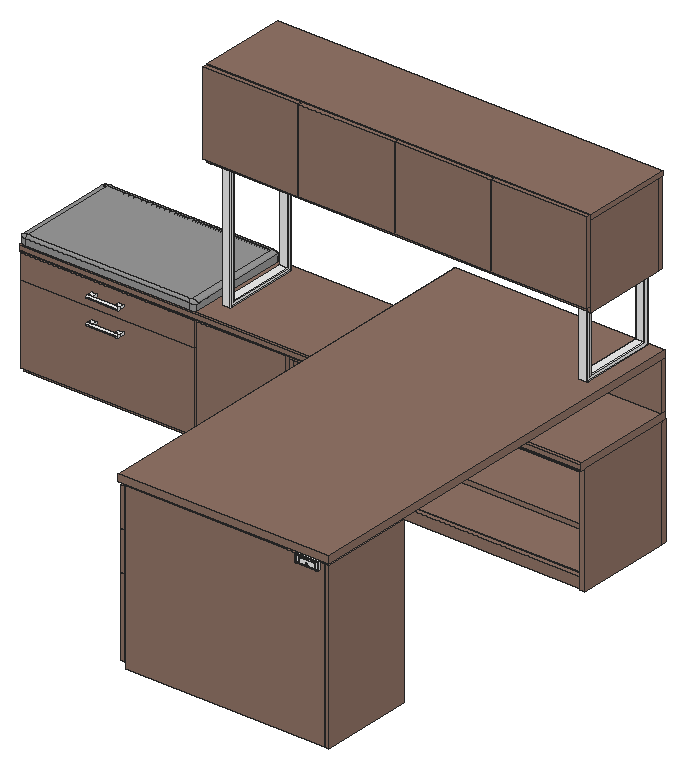
Revit family "VV010family", category Furniture, Revit 2015 (continued)
Definition of nested family "JSI-Vision-BF_Modular_Bench_Ped"
  Definition of nested family "Bar Pull"
    Dimensions and locks (in)
      plane 8 to plane 9 to plane 1 "Center Front/Back" = 0' - 0.14798" locked, 0' - 0.85202" locked
      aligned and locked: level to plane 2
      aligned and locked: plane 4 to Extrusion 3
      aligned and locked: Extrusion 3 to plane 5
      aligned and locked: plane 4 to Extrusion 2
      aligned and locked: Extrusion 1 to plane 7
      aligned and locked: plane 6 to Extrusion 1
      aligned and locked: plane 6 to Extrusion 2
      aligned and locked: plane 8 to Extrusion 2 sketch curve
      aligned and locked: Extrusion 3 to plane 1 "Center Front/Back"
      aligned and locked: Extrusion 1 to plane 1 "Center Front/Back"
      aligned and locked: plane 5 to Extrusion 3
      aligned and locked: Extrusion 3 to plane 4
      aligned and locked: Extrusion 2 to plane 4
      aligned and locked: plane 7 to Extrusion 1
      aligned and locked: Extrusion 1 to plane 6
      aligned and locked: Extrusion 2 to plane 6
  Definition of nested family "Label 1-16"
    Parameters
      Width = 0' - 1"
      Model Name = "FF"
    Reference planes (in)
      plane 1: y = 0
      plane 2: x = 0
    Text (in)
      label "XX" at (0.0005059, -0.1232411, 0), shows "Model Name"
Definition of nested family "JSI-Vision-Bench_H_Cushion"
  Parameters (values of type "Bench H Cushion - Type Catalog Family")
    Width = 3' - 0"
    URL = "www.jsifurniture.com"
    Type Comments = ""
    Series = "VISION CASEGOODS"  # constant formula
    Model = "VS2436CUSH"
    Material = ""
    Manufacturer = "JSI"  # constant formula
    Keynote = "12500"
    JSI Enviromental Website = "http://www.jsifurniture.com/jsi_sustainability_intro.php"
    Height = 0' - 1 1/2"
    Description = "24D Bench Height Seat Cushion"
    Depth = 2' - 0"
    Cushion Finish = none
    Bench Height = 1' - 7 1/2"
    Assembly Code = "E2020200"
  Reference planes (in)
    plane 1 "Center Front/Back": y = 0
    plane 2: z = 0
    plane 3 "Center Left/Right": x = 0
    plane 4: z = 0
    plane 5: z = 19.5
    plane 6: z = 21
    plane 7: z = 20.625
    plane 8: x = 36
    plane 9: y = -24
  Forms (in)
    Sweep 1, solid, material <- "Cushion Finish"
      path origin (7.5, 51.4810041, 49.125) x (0, 1, 0) y (0, 0, 1)
        loop
          line (-51.4810041, -29.625) -> (-51.4810041, -28.5625)
          arc (-51.4810041, -28.5625) -> (-51.6091449, -28.2531408) -> (-51.9185041, -28.125) r 0.4375
          line (-51.9185041, -28.125) -> (-75.0435041, -28.125)
          arc (-75.0435041, -28.125) -> (-75.3528633, -28.2531408) -> (-75.4810041, -28.5625) r 0.4375
          line (-75.4810041, -28.5625) -> (-75.4810041, -29.625)
      profile origin (7.5, -12, 21) x (0, 0, -1) y (1, 0, 0)
        loop
          line (0.375, -7.5) -> (0.375, 28.5)
          spline (0.375, 28.5) -> (0.3260527, 28.4914449) -> (0.2779429, 28.4659258) -> (0.2314937, 28.4238795) -> (0.1875, 28.3660254) -> (0.1467145, 28.2933533) -> (0.109835, 28.2071068) -> (0.0774925, 28.1087614) -> (0.0502405, 28) -> (0.0285452, 27.8826834) -> (0.0127778, 27.758819) -> (0.0032082, 27.6305262) -> (0, 27.5)
          line (0, 27.5) -> (0, -6.5)
          spline (0, -6.5) -> (0.0032082, -6.6305262) -> (0.0127778, -6.758819) -> (0.0285452, -6.8826834) -> (0.0502405, -7) -> (0.0774925, -7.1087614) -> (0.109835, -7.2071068) -> (0.1467145, -7.2933533) -> (0.1875, -7.3660254) -> (0.2314937, -7.4238795) -> (0.2779429, -7.4659258) -> (0.3260527, -7.4914449) -> (0.375, -7.5)
    Extrusion 2, solid, material <- "Cushion Finish"
      sketch origin (7.5, 51.4810041, 49.125) x (0, 1, 0) y (0, 0, 1)
        loop
          line (-51.8560041, -29.625) -> (-51.8560041, -28.5625)
          arc (-51.8560041, -28.5625) -> (-51.8743099, -28.5183058) -> (-51.9185041, -28.5) r 0.0625
          line (-51.9185041, -28.5) -> (-75.0435041, -28.5)
          arc (-75.0435041, -28.5) -> (-75.0876983, -28.5183058) -> (-75.1060041, -28.5625) r 0.0625
          line (-75.1060041, -28.5625) -> (-75.1060041, -29.625) -> (-51.8560041, -29.625)
      from -7.5 to 28.5
  Lines and regions (in)
    symbolic lines
      curve 1: line (36, -0.375, 0) -> (36, -23.625, 0)
      curve 2: line (35, -24, 0) -> (1, -24, 0)
      curve 3: spline (0, -23.625, 0) -> (0.0085551, -23.6739473, 0) -> (0.0340742, -23.7220571, 0) -> (0.0761205, -23.7685063, 0) -> (0.1339746, -23.8125, 0) -> (0.2066467, -23.8532855, 0) -> (0.2928932, -23.890165, 0) -> (0.3912386, -23.9225075, 0) -> (0.5, -23.9497595, 0) -> (0.6173166, -23.9714548, 0) -> (0.741181, -23.9872222, 0) -> (0.8694738, -23.9967918, 0) -> (1, -24, 0)
      curve 4: spline (36, -23.625, 0) -> (35.9914449, -23.6739473, 0) -> (35.9659258, -23.7220571, 0) -> (35.9238795, -23.7685063, 0) -> (35.8660254, -23.8125, 0) -> (35.7933533, -23.8532855, 0) -> (35.7071068, -23.890165, 0) -> (35.6087614, -23.9225075, 0) -> (35.5, -23.9497595, 0) -> (35.3826834, -23.9714548, 0) -> (35.258819, -23.9872222, 0) -> (35.1305262, -23.9967918, 0) -> (35, -24, 0)
      curve 5: line (1, 0, 0) -> (35, 0, 0)
      curve 6: spline (36, -0.375, 0) -> (35.9914449, -0.3260527, 0) -> (35.9659258, -0.2779429, 0) -> (35.9238795, -0.2314937, 0) -> (35.8660254, -0.1875, 0) -> (35.7933533, -0.1467145, 0) -> (35.7071068, -0.109835, 0) -> (35.6087614, -0.0774925, 0) -> (35.5, -0.0502405, 0) -> (35.3826834, -0.0285452, 0) -> (35.258819, -0.0127778, 0) -> (35.1305262, -0.0032082, 0) -> (35, 0, 0)
      curve 7: spline (0, -0.375, 0) -> (0.0085551, -0.3260527, 0) -> (0.0340742, -0.2779429, 0) -> (0.0761205, -0.2314937, 0) -> (0.1339746, -0.1875, 0) -> (0.2066467, -0.1467145, 0) -> (0.2928932, -0.109835, 0) -> (0.3912386, -0.0774925, 0) -> (0.5, -0.0502405, 0) -> (0.6173166, -0.0285452, 0) -> (0.741181, -0.0127778, 0) -> (0.8694738, -0.0032082, 0) -> (1, 0, 0)
      curve 8: line (0, -0.375, 0) -> (0, -23.625, 0)
  Dimensions and locks (in)
    "Height": plane 6 to plane 5
    locked: plane 7 to plane 5 at 1.125
    "Bench Height": plane 5 to level
    "Width": plane 3 "Center Left/Right" to plane 8
    "Depth": plane 1 "Center Front/Back" to plane 9
    locked: Sweep 1 sketch curve to plane 3 "Center Left/Right" at 1
    locked: Sweep 1 sketch curve to plane 8 at 1
    aligned and locked: level to plane 2
    aligned and locked: level to plane 4
    aligned and locked: Sweep 1 to plane 5
    aligned and locked: Extrusion 2 to Sweep 1  (x3)
    aligned and locked: Extrusion 2 to plane 3 "Center Left/Right"
    aligned and locked: Extrusion 2 to plane 8
    aligned and locked: plane 1 "Center Front/Back" to Sweep 1 sketch curve
    aligned and locked: plane 9 to Sweep 1 sketch curve
    aligned and locked: Sweep 1 sketch curve to plane 6
  Automatic sketch dimensions
    Sweep 1 sketch curve to plane 5 = 0' - 0"  (x2)
    Sweep 1 sketch curve to plane 7 = 0' - 0 1/16"
    plane 1 "Center Front/Back" to Sweep 1 sketch curve = 0' - 0 7/16"
    Sweep 1 sketch curve to profile plane = 0' - 0"
    Sweep 1 sketch curve to profile plane = 0' - 0 3/8"
    Sweep 1 sketch curve to Sweep 1 sketch curve = 0' - 1"  (x2)
    Extrusion 2 sketch curve to plane 5 = 0' - 0"
    Extrusion 2 sketch curve to plane 7 = 0' - 0"
    plane 9 to Extrusion 2 sketch curve = 0' - 0 3/8"
    Extrusion 2 sketch curve to plane 7 = 0' - 0 1/16"
    plane 1 "Center Front/Back" to Extrusion 2 sketch curve = 0' - 0 7/16"
    plane 1 "Center Front/Back" to Extrusion 2 sketch curve = 0' - 0 3/8"
    curve 3 to plane 3 "Center Left/Right" = 0' - 0"
    curve 3 to plane 9 = 0' - 0"
    plane 1 "Center Front/Back" to curve 7 = 0' - 0"
    curve 4 to plane 8 = 0' - 0"
    plane 3 "Center Left/Right" to curve 2 = 0' - 1"
    plane 3 "Center Left/Right" to curve 5 = 0' - 1"
    plane 8 to curve 5 = 0' - 1"
    plane 8 to curve 2 = 0' - 1"
    plane 9 to curve 1 = 0' - 0 3/8"
    plane 1 "Center Front/Back" to curve 1 = 0' - 0 3/8"
    plane 9 to curve 3 = 0' - 0 3/8"
    plane 1 "Center Front/Back" to curve 8 = 0' - 0 3/8"
Definition of nested family "JSI-Vision-OH_Cab-Split_H_Post"
  Parameters (values of type "Split H Post OH Cab - Type Catalog Family")
    Vetical Partition = yes
    Top = none
    Width = 4' - 6"
    Verticall Partition Distance = if(# of Doors > 3, Unit Centre, (if(# of Doors < 3, Unit Centre, (if(OHL, (Door Width + 0' 0 9/16"), ((Door Width * 2) + (0' 0 1/16")))))))  # 2' - 3"
    Unit Centre = Width / 2  # 2' - 3"
    URL = "www.jsifurniture.com"
    Type Comments = ""
    Tag = "4 Doors"
    Series = "VISION CASEGOODS"  # constant formula
    Support Leg = none
    Overhead Height = 1' - 10 13/16"
    OHL = no
    OH Elevation = 2' - 6"
    Model = "VL1654PSHD-2737"
    Material = ""
    Manufacturer = "JSI"  # constant formula
    Keynote = "12500"
    JSI Enviromental Website = "http://www.jsifurniture.com/jsi_sustainability_intro.php"
    Height = 3' - 1"
    Door Front = none
    Door Width = if(Width > 4' 5", ((Width - 0' 0 3/4") / # of Doors), (if(Width > 3' 5", ((Width - 0' 0 5/8") / # of Doors), ((Width - 0' 0 1/2") / # of Doors))))  # 1' - 1 5/16"
    Door Array Spacing = Door Width + 0' 0 1/8"  # 1' - 1 7/16"
    Description = "Laminate Split Height Post Support Overhead Cab. 16\" x 54\", 4 Doors"
    Depth = 1' - 4"
    Chassis = none
    Assembly Code = "E2020200"
    # of Doors = if(Width > 4' 5", 4, (if(Width > 3' 5", 3, (if(Width > 2' 6", 2, 2)))))  # 4
  Reference planes (in)
    plane 1 "Center Front/Back": y = 0
    plane 2: z = 0
    plane 3 "Center Left/Right": x = 0
    plane 4: z = 0
    plane 5: y = -0.125
    plane 6: x = 0.125
    plane 7: x = 54
    plane 8: x = 53.875
    plane 9: y = -16
    plane 10: y = -15.375
    plane 11: y = -15.5
    plane 12: y = -16.25
    plane 13: x = 0.875
    plane 14: x = 53.125
    plane 15: y = -0.875
    plane 16: x = 27
    plane 17: z = 67
    plane 18: z = 66.8125
    plane 19: z = 66.0625
    plane 20: z = 52.8125
    plane 21: z = 51.8125
    plane 22: z = 53.5625
    plane 23: z = 30
    plane 24: x = 0.1875
    plane 25: x = 53.8125
    plane 26: z = 52.6875
    plane 27: z = 52.625
    plane 28: x = 27.375
    plane 29: x = 26.625
    plane 30: x = 0.09375
    plane 31: y = -0.09375
    plane 32: y = -15.40625
    plane 33: x = 53.90625
    plane 34: y = -15.25
    plane 35: y = -14.5
    plane 36: x = 13.5625
    plane 37: x = 13.5
    plane 38: x = 13.625
    plane 39: x = 27
    plane 40: x = 1.75
    plane 41: y = -1.125
    plane 42: x = 4.25
    plane 43: y = -3.125
    plane 44: x = 52.25
    plane 45: x = 49.75
    plane 46: y = -15.3125
    plane 47: y = -14.125
    plane 48: y = -12.125
    plane 49: z = 40
  Forms (in)
    Extrusion 1, solid, material <- "Chassis"
      sketch origin (0, 0, 0) x (1, 0, 0) y (0, 1, 0)
        loop
          line (0.125, -0.875) -> (0.125, -15.375) -> (0.875, -15.375) -> (0.875, -0.875) -> (0.125, -0.875)
      from 51.8125 to 66.0625
    Extrusion 2, solid, material <- "Chassis"
      sketch origin (0, 0, 0) x (1, 0, 0) y (0, 1, 0)
        loop
          line (53.875, -0.875) -> (53.125, -0.875) -> (53.125, -15.375) -> (53.875, -15.375) -> (53.875, -0.875)
      from 51.8125 to 66.0625
    Extrusion 3, solid, material <- "Chassis"
      sketch origin (0, 0, 0) x (1, 0, 0) y (0, 1, 0)
        loop
          line (0.125, -0.125) -> (0.125, -0.875) -> (53.875, -0.875) -> (53.875, -0.125) -> (0.125, -0.125)
      from 51.8125 to 66.0625
    Extrusion 4, solid, material <- "Chassis", visible <- "Vetical Partition"
      sketch origin (0, 0, 0) x (1, 0, 0) y (0, 1, 0)
        loop
          line (26.625, -0.875) -> (26.625, -15.3125) -> (27.375, -15.3125) -> (27.375, -0.875) -> (26.625, -0.875)
      from 53.5625 to 66.0625
    Extrusion 5, solid, material <- "Chassis"
      sketch origin (0, 0, 0) x (0, 1, 0) y (0, 0, 1)
        loop
          line (-0.875, 53.5625) -> (-15.3125, 53.5625) -> (-15.3125, 52.8125) -> (-0.875, 52.8125) -> (-0.875, 53.5625)
      from 0.875 to 53.125
    Extrusion 6, solid, material <- "Top"
      sketch origin (0, 0, 0) x (0, 1, 0) y (0, 0, 1)
        loop
          line (-0.09375, 66.8125) -> (-15.40625, 66.8125) -> (-15.40625, 66.0625) -> (-0.09375, 66.0625) -> (-0.09375, 66.8125)
      from 0.09375 to 53.90625
    Extrusion 7, solid, material <- "Chassis"
      sketch origin (0, 0, 0) x (0, 1, 0) y (0, 0, 1)
        loop
          line (-14.5, 52.8125) -> (-15.25, 52.8125) -> (-15.25, 51.8125) -> (-14.5, 51.8125) -> (-14.5, 52.8125)
      from 0.875 to 53.125
    Extrusion 8, solid, material <- "Door Front"
      sketch origin (-4.5, 0, 0) x (1, 0, 0) y (0, 1, 0)
        loop
          line (4.6875, -15.5) -> (4.6875, -16.25) -> (18, -16.25) -> (18, -15.5) -> (4.6875, -15.5)
      from 52.6875 to 66.8125
    Extrusion 9, solid, material <- "Door Front"
      sketch origin (8.9375, 0, 0) x (1, 0, 0) y (0, 1, 0)
        loop
          line (4.6875, -15.5) -> (4.6875, -16.25) -> (18, -16.25) -> (18, -15.5) -> (4.6875, -15.5)
      from 52.6875 to 66.8125
    Extrusion 10, solid, material <- "Support Leg"
      sketch origin (0, 0, 0) x (1, 0, 0) y (0, 1, 0)
        loop
          line (1.75, -1.125) -> (1.75, -3.125) -> (4.25, -3.125) -> (4.25, -1.125) -> (1.75, -1.125)
        loop
          line (49.75, -1.125) -> (49.75, -3.125) -> (52.25, -3.125) -> (52.25, -1.125) -> (49.75, -1.125)
        loop
          line (49.75, -12.125) -> (49.75, -14.125) -> (52.25, -14.125) -> (52.25, -12.125) -> (49.75, -12.125)
        loop
          line (1.75, -12.125) -> (1.75, -14.125) -> (4.25, -14.125) -> (4.25, -12.125) -> (1.75, -12.125)
      from 52.625 to 52.8125
    Sweep 11, solid, material <- "Support Leg"
      path origin (1.75, 60, 48) x (0, 1, 0) y (0, 0, 1)
        loop
          line (-61.125, 4.625) -> (-61.125, -8) -> (-74.125, -8) -> (-74.125, 4.625)
      profile origin (1.75, -1.125, 46.3125) x (1, 0, 0) y (0, 1, 0)
        loop
          arc (0.125, 0) -> (0.0366117, -0.0366117) -> (0, -0.125) r 0.125
          line (0, -0.125) -> (0, -0.625)
          arc (0, -0.625) -> (0.0366117, -0.7133883) -> (0.125, -0.75) r 0.125
          line (0.125, -0.75) -> (1.375, -0.75)
          arc (1.375, -0.75) -> (1.4633883, -0.7133883) -> (1.5, -0.625) r 0.125
          line (1.5, -0.625) -> (1.5, -0.125)
          arc (1.5, -0.125) -> (1.4633883, -0.0366117) -> (1.375, 0) r 0.125
          line (1.375, 0) -> (0.125, 0)
    Sweep 12, solid, material <- "Support Leg"
      path origin (52.25, 60, 48) x (0, 1, 0) y (0, 0, 1)
        loop
          line (-61.125, 4.625) -> (-61.125, -18) -> (-74.125, -18) -> (-74.125, 4.625)
      profile origin (52.25, -14.125, 41.3125) x (0, -1, 0) y (1, 0, 0)
        loop
          arc (0, -0.125) -> (-0.0366117, -0.0366117) -> (-0.125, 0) r 0.125
          line (-0.125, 0) -> (-0.625, 0)
          arc (-0.625, 0) -> (-0.7133883, -0.0366117) -> (-0.75, -0.125) r 0.125
          line (-0.75, -0.125) -> (-0.75, -1.375)
          arc (-0.75, -1.375) -> (-0.7133883, -1.4633883) -> (-0.625, -1.5) r 0.125
          line (-0.625, -1.5) -> (-0.125, -1.5)
          arc (-0.125, -1.5) -> (-0.0366117, -1.4633883) -> (0, -1.375) r 0.125
          line (0, -1.375) -> (0, -0.125)
    Extrusion 13, solid, material <- "Door Front"
      sketch origin (22.375, 0, 0) x (1, 0, 0) y (0, 1, 0)
        loop
          line (4.6875, -15.5) -> (4.6875, -16.25) -> (18, -16.25) -> (18, -15.5) -> (4.6875, -15.5)
      from 52.6875 to 66.8125
    Extrusion 14, solid, material <- "Door Front"
      sketch origin (35.8125, 0, 0) x (1, 0, 0) y (0, 1, 0)
        loop
          line (4.6875, -15.5) -> (4.6875, -16.25) -> (18, -16.25) -> (18, -15.5) -> (4.6875, -15.5)
      from 52.6875 to 66.8125
  Lines and regions (in)
    symbolic lines
      curve 1: line (53.875, -0.125, 0) -> (0.125, -0.125, 0)
      curve 2: line (0.125, -0.125, 0) -> (0.125, -15.375, 0)
      curve 3: line (53.875, -0.125, 0) -> (53.875, -15.375, 0)
      curve 4: line (53.875, -15.375, 0) -> (0.125, -15.375, 0)
      curve 5: line (13.5, -15.5, 0) -> (0.1875, -15.5, 0)
      curve 6: line (0.1875, -15.5, 0) -> (0.1875, -16.25, 0)
      curve 7: line (0.1875, -16.25, 0) -> (13.5, -16.25, 0)
      curve 8: line (13.5, -16.25, 0) -> (13.5, -15.5, 0)
      curve 9: line (26.9375, -15.5, 0) -> (13.625, -15.5, 0)
      curve 10: line (13.625, -15.5, 0) -> (13.625, -16.25, 0)
      curve 11: line (13.625, -16.25, 0) -> (26.9375, -16.25, 0)
      curve 12: line (26.9375, -16.25, 0) -> (26.9375, -15.5, 0)
      curve 13: line (40.375, -15.5, 0) -> (27.0625, -15.5, 0)
      curve 14: line (27.0625, -15.5, 0) -> (27.0625, -16.25, 0)
      curve 15: line (27.0625, -16.25, 0) -> (40.375, -16.25, 0)
      curve 16: line (40.375, -16.25, 0) -> (40.375, -15.5, 0)
      curve 17: line (53.8125, -15.5, 0) -> (40.5, -15.5, 0)
      curve 18: line (40.5, -15.5, 0) -> (40.5, -16.25, 0)
      curve 19: line (40.5, -16.25, 0) -> (53.8125, -16.25, 0)
      curve 20: line (53.8125, -16.25, 0) -> (53.8125, -15.5, 0)
  Dimensions and locks (in)
    locked: plane 3 "Center Left/Right" to plane 6 at 0.125
    "Width": plane 3 "Center Left/Right" to plane 7
    locked: plane 8 to plane 7 at 0.125
    "Depth": plane 9 to plane 1 "Center Front/Back"
    locked: plane 9 to plane 10 at 0.625
    locked: plane 11 to plane 10 at 0.125
    locked: plane 12 to plane 11 at 0.75
    locked: plane 5 to plane 1 "Center Front/Back" at 0.125
    locked: plane 15 to plane 5 at 0.75
    locked: plane 6 to plane 13 at 0.75
    locked: plane 14 to plane 8 at 0.75
    "Unit Centre": plane 3 "Center Left/Right" to plane 16
    locked: plane 17 to plane 18 at 0.1875
    locked: plane 18 to plane 19 at 0.75
    plane 22 to plane 20 to plane 21 = 0' - 0 3/4" locked, 0' - 1" locked
    "Height": plane 17 to plane 23
    "OH Elevation": plane 23 to plane 4
    "Overhead Height": plane 20 to plane 23
    plane 21 to plane 23 = 1' - 9 13/16"
    locked: plane 6 to plane 24 at 0.0625
    locked: plane 25 to plane 8 at 0.0625
    locked: plane 20 to plane 27 at 0.1875
    locked: plane 30 to plane 6 at 0.03125
    locked: plane 8 to plane 33 at 0.03125
    locked: plane 5 to plane 31 at 0.03125
    locked: plane 32 to plane 10 at 0.03125
    plane 10 to plane 34 to plane 35 = 0' - 0 1/8" locked, 0' - 0 3/4" locked
    plane 37 to plane 36 to plane 38 = 0' - 0 1/16" locked, 0' - 0 1/16" locked
    "Door Width": Extrusion 8 sketch curve to Extrusion 8 sketch curve
    "Door Width": Extrusion 9 sketch curve to Extrusion 9 sketch curve
    equal spacing: group 1, group 2, group 3, group 4  (x3)
    "Door Width": plane 24 to plane 37
    "Door Array Spacing": Extrusion 8 to Extrusion 9
    locked: plane 20 to plane 26 at 0.125
    plane 29 to plane 39 to plane 28 = 0' - 0 3/8" locked, 0' - 0 3/8" locked
    "Verticall Partition Distance": plane 3 "Center Left/Right" to plane 39
    plane 6 to plane 40 to plane 42 = 0' - 1 5/8" locked, 0' - 2 1/2" locked
    plane 43 to plane 41 to plane 5 = 0' - 2" locked, 0' - 1" locked
    plane 45 to plane 44 to plane 8 = 0' - 2 1/2" locked, 0' - 1 5/8" locked
    locked: plane 10 to plane 46 at 0.0625
    plane 10 to plane 47 to plane 48 = 0' - 1 1/4" locked, 0' - 2" locked
    locked: Sweep 11 sketch curve to Sweep 11 sketch curve at 0.75
    locked: Sweep 11 sketch curve to Sweep 11 sketch curve at 1.5
    locked: Sweep 12 sketch curve to Sweep 12 sketch curve at 1.5
    locked: Sweep 12 sketch curve to Sweep 12 sketch curve at 0.75
    locked: plane 49 to plane 23 at 10
    "Door Width": Extrusion 13 sketch curve to Extrusion 13 sketch curve
    "Door Width": Extrusion 14 sketch curve to Extrusion 14 sketch curve
    aligned and locked: level to plane 2
    aligned and locked: plane 6 to Extrusion 1 sketch curve
    aligned and locked: Extrusion 1 sketch curve to plane 10
    aligned and locked: Extrusion 1 sketch curve to plane 13
    aligned and locked: plane 8 to Extrusion 2 sketch curve
    aligned and locked: plane 10 to Extrusion 2 sketch curve
    aligned and locked: Extrusion 2 sketch curve to plane 14
    aligned and locked: plane 15 to Extrusion 1 sketch curve
    aligned and locked: Extrusion 2 sketch curve to plane 15
    aligned and locked: plane 5 to Extrusion 3 sketch curve
    aligned and locked: plane 6 to Extrusion 3 sketch curve
    aligned and locked: Extrusion 3 sketch curve to Extrusion 2  (x2)
    aligned and locked: plane 15 to Extrusion 4 sketch curve
    aligned and locked: plane 29 to Extrusion 4 sketch curve
    aligned and locked: Extrusion 4 sketch curve to plane 28
    aligned and locked: plane 19 to Extrusion 1
    aligned and locked: Extrusion 1 to plane 21
    aligned and locked: plane 19 to Extrusion 2
    aligned and locked: Extrusion 2 to plane 21
    aligned and locked: plane 19 to Extrusion 4
    aligned and locked: plane 19 to Extrusion 3
    aligned and locked: Extrusion 3 to plane 21
    aligned and locked: plane 22 to Extrusion 5 sketch curve
    aligned and locked: Extrusion 5 sketch curve to plane 15
    aligned and locked: Extrusion 5 sketch curve to plane 20
    aligned and locked: Extrusion 5 to plane 13
    aligned and locked: plane 14 to Extrusion 5
    aligned and locked: Extrusion 4 to plane 22
    aligned and locked: plane 18 to Extrusion 6 sketch curve
    aligned and locked: Extrusion 6 sketch curve to plane 31
    aligned and locked: plane 32 to Extrusion 6 sketch curve
    aligned and locked: plane 19 to Extrusion 6 sketch curve
    aligned and locked: Extrusion 6 to plane 30
    aligned and locked: plane 33 to Extrusion 6
    aligned and locked: plane 35 to Extrusion 7 sketch curve
    aligned and locked: Extrusion 7 sketch curve to plane 34
    aligned and locked: plane 21 to Extrusion 7 sketch curve
    aligned and locked: Extrusion 7 sketch curve to plane 20
    aligned and locked: Extrusion 7 to plane 13
    aligned and locked: plane 14 to Extrusion 7
    aligned and locked: Extrusion 8 to plane 24
    aligned and locked: plane 18 to Extrusion 8
    aligned and locked: Extrusion 8 to plane 26
    aligned and locked: plane 18 to Extrusion 9
    aligned and locked: Extrusion 9 to plane 26
    aligned and locked: Extrusion 8 to plane 18
    aligned and locked: plane 26 to Extrusion 8  (x2)
    aligned and locked: Extrusion 9 to plane 18  (x2)
    aligned and locked: plane 26 to Extrusion 9  (x2)
    aligned and locked: plane 18 to Extrusion 6
    aligned and locked: Extrusion 5 sketch curve to plane 46
    aligned and locked: Extrusion 4 sketch curve to plane 46
    aligned and locked: plane 41 to Extrusion 10 sketch curve  (x2)
    aligned and locked: plane 40 to Extrusion 10 sketch curve  (x2)
    aligned and locked: Extrusion 10 sketch curve to plane 43  (x2)
    aligned and locked: Extrusion 10 sketch curve to plane 42  (x2)
    aligned and locked: plane 45 to Extrusion 10 sketch curve  (x2)
    aligned and locked: Extrusion 10 sketch curve to plane 44  (x2)
    aligned and locked: plane 48 to Extrusion 10 sketch curve  (x2)
    aligned and locked: Extrusion 10 sketch curve to plane 47  (x2)
    aligned and locked: plane 20 to Extrusion 10
    aligned and locked: Extrusion 10 to plane 27
    aligned and locked: plane 41 to Sweep 11 sketch curve
    aligned and locked: plane 47 to Sweep 11 sketch curve
    aligned and locked: plane 27 to Sweep 11 sketch curve  (x2)
    aligned and locked: profile plane to Sweep 11 sketch curve  (x2)
    aligned and locked: Sweep 12 sketch curve to plane 47
    aligned and locked: Sweep 12 sketch curve to plane 41
    aligned and locked: Sweep 12 sketch curve to plane 23
    aligned and locked: plane 27 to Sweep 12 sketch curve  (x2)
    aligned and locked: profile plane to Sweep 12 sketch curve
    aligned and locked: Sweep 12 sketch curve to profile plane
    aligned and locked: curve 1 to plane 5
    aligned and locked: curve 2 to plane 6
    aligned and locked: curve 3 to plane 8
    aligned and locked: curve 4 to plane 10
    aligned and locked: curve 5 to Extrusion 8
    aligned and locked: curve 6 to Extrusion 8
    aligned and locked: curve 7 to Extrusion 8
    aligned and locked: curve 8 to Extrusion 8
    aligned and locked: curve 9 to Extrusion 9
    aligned and locked: curve 10 to Extrusion 9
    aligned and locked: curve 11 to Extrusion 9
    aligned and locked: curve 12 to Extrusion 9
    aligned and locked: plane 16 to nested 1
    aligned and locked: plane 12 to nested 1
    aligned and locked: Sweep 11 sketch curve to plane 49
    aligned and locked: curve 13 to Extrusion 13
    aligned and locked: curve 14 to Extrusion 13
    aligned and locked: curve 15 to Extrusion 13
    aligned and locked: curve 16 to Extrusion 13
    aligned and locked: curve 17 to Extrusion 14
    aligned and locked: curve 18 to Extrusion 14
    aligned and locked: curve 19 to Extrusion 14
    aligned and locked: curve 20 to Extrusion 14
  Automatic sketch dimensions
    Extrusion 8 sketch curve to Extrusion 8 sketch curve = 0' - 0 3/4"
    Extrusion 9 sketch curve to Extrusion 9 sketch curve = 0' - 0 3/4"
    profile plane to Sweep 12 sketch curve = 0' - 0 1/8"  (x2)
    curve 6 to curve 6 = 0' - 0 3/4"
    curve 6 to curve 7 = 1' - 1 5/16"
    curve 10 to curve 10 = 0' - 0 3/4"
    curve 10 to curve 11 = 1' - 1 5/16"
    Extrusion 13 sketch curve to Extrusion 13 sketch curve = 0' - 0 3/4"
    curve 14 to curve 14 = 0' - 0 3/4"
    curve 14 to curve 15 = 1' - 1 5/16"
    plane 40 to Sweep 11 sketch curve = 0' - 0 1/8"  (x2)
    Sweep 11 sketch curve to Sweep 11 sketch curve = 0' - 0 1/8"  (x2)
    Sweep 12 sketch curve to Sweep 12 sketch curve = 0' - 0 1/8"  (x2)
    Extrusion 14 sketch curve to Extrusion 14 sketch curve = 0' - 0 3/4"
    curve 18 to curve 18 = 0' - 0 3/4"
    curve 18 to curve 19 = 1' - 1 5/16"
  Nested families (in)
    nested 1: "Label 1-16 OH" at (27, -16.25, 0), type "OH DOORS"
  Definition of nested family "Label 1-16 OH"
    Parameters
      Width = 0' - 1"
      Model Name = "XX"
    Reference planes (in)
      plane 1: y = 0
      plane 2: x = 0
    Text (in)
      label "XX" at (0.0005059, -0.1232411, 0), shows "Model Name"
